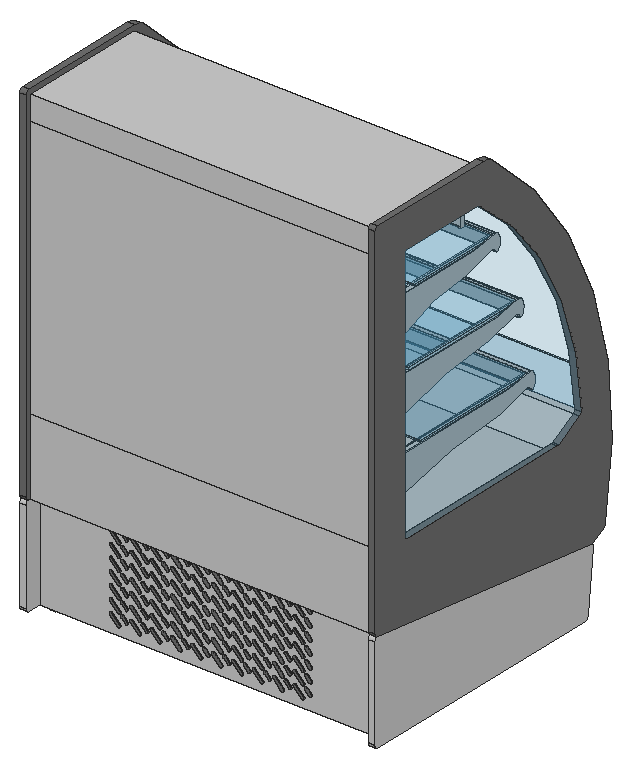
Revit family "QF_INFRICO_VBR9SS_250815092508", category Specialty Equipment, Revit 2021
Family settings
  Round Connector Dimension = Use Diameter
  Part Type = Normal
  OmniClass Number = 23.40.40.14
  OmniClass Title = Food Service Equipment
  Work Plane-Based = No
  Always vertical = Yes
  Cut with Voids When Loaded = No
  Shared = No
  Room Calculation Point = No
Parameters (values of type "VBR9SS")
  Weight [instance] = 0.00 kg
  Warranty Start Date [instance] = ""
  Warranty Duration [instance] = ""
  Volts [instance] = 230 V
  Volt Free Conn [instance] = no
  URL Recommended Spares List [instance] = ""
  URL Manufacturer [instance] = ""
  URL Cutsheet [instance] = ""
  URL Critical Spares List [instance] = ""
  URL = "www.infrico.com"
  Technical Documentation [instance] = ""
  Tag Number [instance] = ""
  Status [instance] = ""
  Start Up Current [instance] = 0 A
  Specification by User [instance] = ""
  Specification by Manufacturer [instance] = ""
  Sound Level [instance] = ""
  Show Logo [instance] = yes
  Show Clearances [instance] = yes
  Service Life Duration [instance] = ""
  Serial Number [instance] = ""
  Seismic Rating [instance] = ""
  SMACNA No [instance] = ""
  Revision Code [instance] = ""
  Revision [instance] = ""
  Production Year [instance] = ""
  Potential Equalisation [instance] = no
  Point Load [instance] = 0
  Phase [instance] = 1
  Other Equipment Approvals [instance] = ""
  Operational Current [instance] = 0 A
  Number of Poles [instance] = 2
  No Load Power Draw [instance] = no
  NAFEM Spec ID Number [instance] = ""
  Model Warning [instance] = ""
  Model = "VBR9SS"
  Min Ckt Ampacity [instance] = 0 A
  Max Overcurrent Protection [instance] = 0 A
  Masterspec [instance] = ""
  Manufacturer = "INFRICO"
  Main switch integrated [instance] = no
  Length Actual [instance] = 938 mm
  Item Number [instance] = ""
  Installed By [instance] = ""
  Installation Date [instance] = ""
  Identify Quantity as Lot [instance] = no
  ID [instance] = ""
  Hygiene Approval [instance] = ""
  Height Actual [instance] = 1300 mm
  HP power [instance] = ""
  Furnished By [instance] = ""
  Foodservice Equipment Identifier [instance] = no
  FL Amps [instance] = 0 A
  Electrical Remarks [instance] = ""
  Electric power [instance] = 1000 W
  Electric Connection Type [instance] = ""
  Elec Conn RI Height [instance] = 0 mm
  Elec Conn Connection Height [instance] = 0 mm
  ETL Approved [instance] = no
  Description = "AMBAR SERIES - SELF SERVICE PASTRY DISPLAY CASE - R452"
  Depth Actual [instance] = 810 mm
  Default Elevation = 0 mm
  Cycle [instance] = 50 Hz
  Cost = 0
  Connection to energy optimisation system [instance] = yes
  Conn Plug [instance] = ""
  Conn Conduit [instance] = no
  Centralized building control system with digital interface [instance] = ""
  CSI MasterFormat [instance] = ""
  CE Approved [instance] = no
  Barcode [instance] = 0
  Author [instance] = ""
  Asset Identifier [instance] = ""
  Apparent Power [instance] = 1000 VA
  Accessory [instance] = no
Reference planes
  plane 1 "Center (Front/Back)": y = 0
  plane 2: z = 0
  plane 3 "Center (Left/Right)": x = 0
Forms (mm)
  Extrusion 1, solid, not visible
    sketch origin (0, 0, 2) x (1, 0, 0) y (0, 1, 0)
      loop
        line (-2, 2) -> (-2, -2) -> (2, -2) -> (2, 2) -> (-2, 2)
    from -2 to 2
Dimensions and locks
  locked: nested 2 to Extrusion 1 at 2  (x2)
  aligned and locked: level to plane 2
Nested families
  nested 1: "QF_INFRICO_VBR9SS_2920" at (0, 0, 0), type "VBR9SS"
    with Weight 0.00 kg, Warranty Start Date "", Warranty Duration "", URL Cutsheet "", Technical Documentation "", Tag Number "", Status "", Specification by User "", Specification by Manufacturer "", Sound Level "", Solid Fuel Type "", Show Logo yes, Show Clearances yes, Show Clearance yes, Service Life Duration "", Serial Number "", Seismic Rating "", SMACNA No "", Revision Code "", Revision "", Production Year "", Point Load 0, Other Equipment Approvals "", NAFEM Spec ID Number "", Model Warning "", Masterspec "", Length Actual 938 mm, Item Number "", Installed By "", Installation Date "", Identify Quantity as Lot yes, ID "", Hygiene Approval "", Height Actual 1300 mm, Furnished By "", Foodservice Equipment Identifier yes, Finish none, ETL Approved yes, Depth Actual 810 mm, CSI MasterFormat "", CE Approved no, Barcode "", Author "", Asset Identifier "", Accessory no
  nested 2: "CONN_POINT_ELE_2D___Generic_Annotation" at (0, 0, 0), type "CONN_POINT_ELE_2D___Generic_Annotation"
    with Onboard connection annotation symbol visibility yes
Connectors
  electrical at (0, 0, 0), driven by "Apparent Power", driven by "Number of Poles", driven by "Volts"
    settings: on Extrusion 1, index 1, voltage 230 V, apparent load 0 VA, apparent load phase1 1000 VA, apparent load phase2 0 VA, apparent load phase3 0 VA, power factor 1, load classification "Other", number of poles 2, system type 31, power factor state 1, is connector primary yes, connector utility no, sub classification motor no, connector description "Electrical connection for VBR9SS"
Definition of nested family "QF_INFRICO_VBR9SS_2920"
  Parameters (values of type "VBR9SS")
    Weight [instance] = 0.00 kg
    Warranty Start Date [instance] = ""
    Warranty Duration [instance] = ""
    URL Cutsheet [instance] = ""
    URL = "www.infrico.com"
    Technical Documentation [instance] = ""
    Tag Number [instance] = ""
    Status [instance] = ""
    Specification by User [instance] = ""
    Specification by Manufacturer [instance] = ""
    Sound Level [instance] = ""
    Solid Fuel Type [instance] = ""
    Show Logo [instance] = yes
    Show Clearances [instance] = yes
    Show Clearance [instance] = yes
    Service Life Duration [instance] = ""
    Serial Number [instance] = ""
    Seismic Rating [instance] = ""
    SMACNA No [instance] = ""
    Revision Code [instance] = ""
    Revision [instance] = ""
    Production Year [instance] = ""
    Point Load [instance] = 0
    Other Equipment Approvals [instance] = ""
    NAFEM Spec ID Number [instance] = ""
    Model Warning [instance] = ""
    Model = "VBR9SS"
    Masterspec [instance] = ""
    Manufacturer = "INFRICO"
    Length Actual [instance] = 0 mm
    Item Number [instance] = ""
    Installed By [instance] = ""
    Installation Date [instance] = ""
    Identify Quantity as Lot [instance] = yes
    ID [instance] = ""
    Hygiene Approval [instance] = ""
    Height Actual [instance] = 0 mm
    Furnished By [instance] = ""
    Foodservice Equipment Identifier [instance] = yes
    Finish [instance] = none
    ETL Approved [instance] = yes
    Description = "AMBAR SERIES - SELF SERVICE PASTRY DISPLAY CASE - R452"
    Depth Actual [instance] = 0 mm
    Default Elevation = 0 mm
    CSI MasterFormat [instance] = ""
    CE Approved [instance] = yes
    Barcode [instance] = ""
    Author [instance] = ""
    Asset Identifier [instance] = ""
    Assembly Code = "E1090320"
    Accessory [instance] = yes
  Reference planes
    plane 1 "Back": y = 0
    plane 2: z = 0
    plane 3 "Left": x = 0
    plane 4 "Right": x = 938
    plane 5 "Front": y = -810
    plane 6 "Top": z = 1300
  Forms (mm)
    Extrusion 1, solid
      sketch origin (-18, -810.003, 0) x (0, -1, 0) y (0, 0, -1)
        loop
          line (-100, -1190) -> (-100, -498)
          arc (-100, -498) -> (-102.929, -490.929) -> (-110, -488) r 10
          line (-110, -488) -> (-627, -488)
          arc (-627, -488) -> (-629.55, -488.252) -> (-632, -489) r 13
          line (-632, -489) -> (-702, -529)
          arc (-702, -529) -> (-705.756, -532.802) -> (-707, -538) r 9.937
          arc (-707, -538) -> (-606.573, -907.925) -> (-356, -1198) r 864.001
          arc (-356, -1198) -> (-353.158, -1199.473) -> (-350, -1200) r 10.273
          line (-350, -1200) -> (-110, -1200)
          arc (-110, -1200) -> (-102.929, -1197.071) -> (-100, -1190) r 10
      from 0 to 18
    Extrusion 2, solid
      sketch origin (-18, -810.003, 0) x (0, -1, 0) y (0, 0, -1)
        loop
          arc (-110, -1200) -> (-102.929, -1197.071) -> (-100, -1190) r 10
          line (-100, -1190) -> (-100, -498)
          arc (-100, -498) -> (-102.929, -490.929) -> (-110, -488) r 10
          line (-110, -488) -> (-627, -488)
          arc (-627, -488) -> (-629.55, -488.252) -> (-632, -489) r 13
          line (-632, -489) -> (-702, -529)
          arc (-702, -529) -> (-705.756, -532.802) -> (-707, -538) r 9.937
          arc (-707, -538) -> (-606.573, -907.925) -> (-356, -1198) r 864.001
          arc (-356, -1198) -> (-353.158, -1199.473) -> (-350, -1200) r 10.273
          line (-350, -1200) -> (-110, -1200)
        loop
          arc (-739, -197) -> (-742.074, -197.055) -> (-745, -198) r 10.476
          line (-745, -198) -> (-782, -219)
          arc (-782, -219) -> (-785.127, -222.608) -> (-787, -227) r 15.422
          arc (-787, -227) -> (-745, -815.202) -> (-398, -1292) r 1070.947
          arc (-398, -1292) -> (-385.08, -1297.958) -> (-371, -1300) r 49.563
          line (-371, -1300) -> (-10.003, -1300)
          arc (-10.003, -1300) -> (-2.932, -1297.071) -> (-0.003, -1290) r 10
          line (-0.003, -1290) -> (-0.003, -301.904)
          arc (-0.003, -301.904) -> (-2.683, -295.3) -> (-9, -292) r 10.337
          line (-9, -292) -> (-739, -197)
      from 0 to 18
    Extrusion 3, solid
      sketch origin (938, -810.003, 0) x (0, -1, 0) y (0, 0, -1)
        loop
          line (-100, -1190) -> (-100, -498)
          arc (-100, -498) -> (-102.929, -490.929) -> (-110, -488) r 10
          line (-110, -488) -> (-627, -488)
          arc (-627, -488) -> (-629.55, -488.252) -> (-632, -489) r 13
          line (-632, -489) -> (-702, -529)
          arc (-702, -529) -> (-705.756, -532.802) -> (-707, -538) r 9.937
          arc (-707, -538) -> (-606.573, -907.925) -> (-356, -1198) r 864.001
          arc (-356, -1198) -> (-353.158, -1199.473) -> (-350, -1200) r 10.273
          line (-350, -1200) -> (-110, -1200)
          arc (-110, -1200) -> (-102.929, -1197.071) -> (-100, -1190) r 10
      from 0 to 18
    Extrusion 4, solid
      sketch origin (938, -810.003, 0) x (0, -1, 0) y (0, 0, -1)
        loop
          arc (-110, -1200) -> (-102.929, -1197.071) -> (-100, -1190) r 10
          line (-100, -1190) -> (-100, -498)
          arc (-100, -498) -> (-102.929, -490.929) -> (-110, -488) r 10
          line (-110, -488) -> (-627, -488)
          arc (-627, -488) -> (-629.55, -488.252) -> (-632, -489) r 13
          line (-632, -489) -> (-702, -529)
          arc (-702, -529) -> (-705.756, -532.802) -> (-707, -538) r 9.937
          arc (-707, -538) -> (-606.573, -907.925) -> (-356, -1198) r 864.001
          arc (-356, -1198) -> (-353.158, -1199.473) -> (-350, -1200) r 10.273
          line (-350, -1200) -> (-110, -1200)
        loop
          arc (-739, -197) -> (-742.074, -197.055) -> (-745, -198) r 10.476
          line (-745, -198) -> (-782, -219)
          arc (-782, -219) -> (-785.127, -222.608) -> (-787, -227) r 15.422
          arc (-787, -227) -> (-745, -815.202) -> (-398, -1292) r 1070.947
          arc (-398, -1292) -> (-385.08, -1297.958) -> (-371, -1300) r 49.563
          line (-371, -1300) -> (-10.003, -1300)
          arc (-10.003, -1300) -> (-2.932, -1297.071) -> (-0.003, -1290) r 10
          line (-0.003, -1290) -> (-0.003, -301.904)
          arc (-0.003, -301.904) -> (-2.683, -295.3) -> (-9, -292) r 10.337
          line (-9, -292) -> (-739, -197)
      from 0 to 18
    Extrusion 5, solid, material <- "Finish"
      sketch origin (0, -810.003, -1) x (0, -1, 0) y (0, 0, -1)
        loop
          line (-739, -198) -> (-9, -293)
          arc (-9, -293) -> (-2.377, -289.883) -> (-0.003, -282.959) r 9.392
          line (-0.003, -282.959) -> (-0.003, -29)
          arc (-0.003, -29) -> (-2.932, -21.929) -> (-10.003, -19) r 10
          line (-10.003, -19) -> (-718, -19)
          arc (-718, -19) -> (-725.332, -22.2) -> (-727.972, -29.752) r 10
          line (-727.972, -29.752) -> (-746, -188)
          arc (-746, -188) -> (-744.394, -194.326) -> (-739, -198) r 9.212
      from -18 to 0
    Extrusion 6, solid, material <- "Finish"
      sketch origin (956, -810.003, -1) x (0, -1, 0) y (0, 0, -1)
        loop
          line (-739, -198) -> (-9, -293)
          arc (-9, -293) -> (-2.377, -289.883) -> (-0.003, -282.959) r 9.392
          line (-0.003, -282.959) -> (-0.003, -29)
          arc (-0.003, -29) -> (-2.932, -21.929) -> (-10.003, -19) r 10
          line (-10.003, -19) -> (-718, -19)
          arc (-718, -19) -> (-725.332, -22.2) -> (-727.972, -29.752) r 10
          line (-727.972, -29.752) -> (-746, -188)
          arc (-746, -188) -> (-744.394, -194.326) -> (-739, -198) r 9.212
      from -18 to 0
    Extrusion 7, solid
      sketch origin (0, -750.003, 9) x (1, 0, 0) y (0, 1, 0)
        loop
          line (0, -0.02) -> (40, -0.02) -> (40, 39.98) -> (0, 39.98) -> (0, -0.02)
      from 0 to 9
    Extrusion 8, solid
      sketch origin (0, -170.003, 9) x (1, 0, 0) y (0, 1, 0)
        loop
          line (0, -0.02) -> (40, -0.02) -> (40, 39.98) -> (0, 39.98) -> (0, -0.02)
      from 0 to 9
    Extrusion 9, solid
      sketch origin (-898.549, 112.977, 0) x (-1, 0, 0) y (0, -1, 0)
        loop
          line (-903.549, 843) -> (-911.049, 855.99) -> (-926.049, 855.99) -> (-933.549, 843) -> (-926.049, 830.01) -> (-911.049, 830.01) -> (-903.549, 843)
      from 0 to 9
    Extrusion 10, solid
      sketch origin (-898.549, 692.977, 0) x (-1, 0, 0) y (0, -1, 0)
        loop
          line (-903.549, 843) -> (-911.049, 855.99) -> (-926.049, 855.99) -> (-933.549, 843) -> (-926.049, 830.01) -> (-911.049, 830.01) -> (-903.549, 843)
      from 0 to 9
    Extrusion 11, solid
      sketch origin (898, -750.003, 9) x (1, 0, 0) y (0, 1, 0)
        loop
          line (0, -0.02) -> (40, -0.02) -> (40, 39.98) -> (0, 39.98) -> (0, -0.02)
      from 0 to 9
    Extrusion 12, solid
      sketch origin (898, -170.003, 9) x (1, 0, 0) y (0, 1, 0)
        loop
          line (0, -0.02) -> (40, -0.02) -> (40, 39.98) -> (0, 39.98) -> (0, -0.02)
      from 0 to 9
    Extrusion 13, solid
      sketch origin (-0.549, 112.977, 0) x (-1, 0, 0) y (0, -1, 0)
        loop
          line (-903.549, 843) -> (-911.049, 855.99) -> (-926.049, 855.99) -> (-933.549, 843) -> (-926.049, 830.01) -> (-911.049, 830.01) -> (-903.549, 843)
      from 0 to 9
    Extrusion 14, solid
      sketch origin (-0.549, 692.977, 0) x (-1, 0, 0) y (0, -1, 0)
        loop
          line (-903.549, 843) -> (-911.049, 855.99) -> (-926.049, 855.99) -> (-933.549, 843) -> (-926.049, 830.01) -> (-911.049, 830.01) -> (-903.549, 843)
      from 0 to 9
    Extrusion 15, solid
      sketch origin (0, -810.003, 0) x (0, -1, 0) y (0, 0, -1)
        loop
          line (-59.98, -18) -> (-679.98, -18) -> (-679.98, -293) -> (-59.98, -293) -> (-59.98, -18)
      from 0 to 40
    Extrusion 16, solid
      sketch origin (898, -810.003, 0) x (0, -1, 0) y (0, 0, -1)
        loop
          line (-59.98, -18) -> (-679.98, -18) -> (-679.98, -293) -> (-59.98, -293) -> (-59.98, -18)
      from 0 to 40
    Extrusion 17, solid
      sketch origin (0, -810.003, 0) x (0, -1, 0) y (0, 0, -1)
        loop
          line (-59.98, -18) -> (-59.98, -293) -> (-44.98, -293) -> (-44.98, -18) -> (-59.98, -18)
      from 0 to 938
    Extrusion 18, solid
      sketch origin (0, -810.003, 0) x (0, -1, 0) y (0, 0, -1)
        loop
          line (-679.98, -278) -> (-679.98, -38) -> (-719.98, -38) -> (-719.98, -278) -> (-679.98, -278)
      from 0 to 40
    Extrusion 19, solid
      sketch origin (898, -810.003, 0) x (0, -1, 0) y (0, 0, -1)
        loop
          line (-679.98, -278) -> (-679.98, -38) -> (-719.98, -38) -> (-719.98, -278) -> (-679.98, -278)
      from 0 to 40
    Extrusion 20, solid
      sketch origin (0, -810.003, 0) x (0, -1, 0) y (0, 0, -1)
        loop
          line (-9.98, -293) -> (-759.98, -293) -> (-759.98, -471) -> (-747.98, -471) -> (-747.98, -448) -> (-70.98, -448) -> (-70.98, -502) -> (-9.98, -502) -> (-9.98, -293)
      from 0 to 938
    Extrusion 21, solid
      sketch origin (0, -810.003, 0) x (0, -1, 0) y (0, 0, -1)
        loop
          line (-747.98, -471) -> (-741.98, -471) -> (-741.98, -515) -> (-719.98, -515) -> (-628.98, -468) -> (-628.98, -448) -> (-630.98, -448) -> (-630.98, -466.782) -> (-720.466, -513) -> (-739.98, -513) -> (-739.98, -469) -> (-747.98, -469) -> (-747.98, -471)
      from 0 to 938
    Extrusion 22, solid
      sketch origin (0, -810.003, 0) x (0, -1, 0) y (0, 0, -1)
        loop
          line (-626.98, -448) -> (-626.98, -469) -> (-121.98, -469) -> (-121.98, -448) -> (-626.98, -448)
      from 0 to 938
    Extrusion 23, solid
      sketch origin (0, -810.003, 0) x (0, -1, 0) y (0, 0, -1)
        loop
          line (-110.98, -448) -> (-110.98, -1222) -> (-70.98, -1222) -> (-70.98, -448) -> (-110.98, -448)
      from 0 to 50
    Extrusion 24, solid
      sketch origin (888, -810.003, 0) x (0, -1, 0) y (0, 0, -1)
        loop
          line (-110.98, -448) -> (-110.98, -1222) -> (-70.98, -1222) -> (-70.98, -448) -> (-110.98, -448)
      from 0 to 50
    Extrusion 25, solid
      sketch origin (860, -810.003, 0) x (0, -1, 0) y (0, 0, -1)
        loop
          line (-9.98, -502) -> (-70.98, -502) -> (-70.98, -1222) -> (-9.98, -1222) -> (-9.98, -502)
      from -860 to 78
    Extrusion 26, solid
      sketch origin (0, -810.003, 0) x (0, -1, 0) y (0, 0, -1)
        loop
          line (-9.98, -1288) -> (-9.98, -1222) -> (-288.98, -1222) -> (-288.98, -1276) -> (-353.98, -1276) -> (-353.98, -1260.029) -> (-372.98, -1241.029) -> (-372.98, -1229) -> (-354.98, -1229) -> (-354.98, -1217) -> (-384.98, -1217) -> (-384.98, -1246) -> (-365.98, -1265) -> (-365.98, -1288) -> (-9.98, -1288)
      from 0 to 938
    Extrusion 27, solid
      sketch origin (-510, -1507.887, 385.642) x (0, -0.939923, 0.341387) y (0, -0.341387, -0.939923)
        loop
          line (-1441.281, -155.749) -> (-1438.55, -163.269) -> (-1412.756, -181.562) -> (-1410.024, -189.081) -> (-1408.109, -188.385) -> (-1411.111, -180.118) -> (-1436.703, -162.496) -> (-1439.401, -155.067) -> (-1441.281, -155.749)
        loop
          line (-1423.188, -205.565) -> (-1420.457, -213.085) -> (-1394.662, -231.378) -> (-1391.931, -238.897) -> (-1390.015, -238.201) -> (-1393.018, -229.934) -> (-1418.61, -212.312) -> (-1421.308, -204.883) -> (-1423.188, -205.565)
      from 550 to 1408
    Extrusion 28, solid
      sketch origin (3, -810.003, 87) x (0, -1, 0) y (0, 0, -1)
        loop
          line (-110.98, -498) -> (-126.98, -498)
          arc (-126.98, -498) -> (-289.514, -532.928) -> (-454.98, -549) r 1448.355
          line (-454.98, -549) -> (-547.98, -574)
          arc (-547.98, -574) -> (-550.743, -573.659) -> (-552.98, -572) r 5.461
          line (-552.98, -572) -> (-560.98, -562)
          arc (-560.98, -562) -> (-563.98, -560.5) -> (-566.98, -562) r 3.75
          arc (-566.98, -562) -> (-573.98, -583) -> (-566.98, -604) r 35
          arc (-566.98, -604) -> (-565.216, -605.472) -> (-562.98, -606) r 5
          line (-562.98, -606) -> (-544.98, -606) -> (-487.98, -595) -> (-110.98, -595) -> (-110.98, -498)
      from 0 to 2
    Extrusion 29, solid
      sketch origin (3, -810.003, 283) x (0, -1, 0) y (0, 0, -1)
        loop
          line (-110.98, -498) -> (-126.98, -498)
          arc (-126.98, -498) -> (-269.288, -533.055) -> (-414.98, -549) r 1106.867
          line (-414.98, -549) -> (-507.98, -574)
          arc (-507.98, -574) -> (-510.743, -573.659) -> (-512.98, -572) r 5.461
          line (-512.98, -572) -> (-520.98, -562)
          arc (-520.98, -562) -> (-523.98, -560.5) -> (-526.98, -562) r 3.75
          arc (-526.98, -562) -> (-533.98, -583) -> (-526.98, -604) r 35
          arc (-526.98, -604) -> (-525.216, -605.472) -> (-522.98, -606) r 5
          line (-522.98, -606) -> (-504.98, -606) -> (-447.98, -595) -> (-110.98, -595) -> (-110.98, -498)
      from 0 to 2
    Extrusion 30, solid
      sketch origin (3, -810.003, 479) x (0, -1, 0) y (0, 0, -1)
        loop
          line (-110.98, -498) -> (-126.98, -498)
          arc (-126.98, -498) -> (-228.381, -534.099) -> (-334.98, -549) r 530.828
          line (-334.98, -549) -> (-427.98, -574)
          arc (-427.98, -574) -> (-430.743, -573.659) -> (-432.98, -572) r 5.461
          line (-432.98, -572) -> (-440.98, -562)
          arc (-440.98, -562) -> (-443.98, -560.5) -> (-446.98, -562) r 3.75
          arc (-446.98, -562) -> (-453.98, -583) -> (-446.98, -604) r 35
          arc (-446.98, -604) -> (-445.216, -605.472) -> (-442.98, -606) r 5
          line (-442.98, -606) -> (-424.98, -606) -> (-367.98, -595) -> (-110.98, -595) -> (-110.98, -498)
      from 0 to 2
    Extrusion 31, solid
      sketch origin (0, -810.003, 0) x (0, -1, 0) y (0, 0, -1)
        loop
          line (-183.98, -682) -> (-558.98, -682) -> (-558.98, -688) -> (-183.98, -688) -> (-183.98, -682)
      from 5 to 933
    Extrusion 32, solid
      sketch origin (0, -850.003, 196) x (0, -1, 0) y (0, 0, -1)
        loop
          line (-183.98, -682) -> (-558.98, -682) -> (-558.98, -688) -> (-183.98, -688) -> (-183.98, -682)
      from 5 to 933
    Extrusion 33, solid
      sketch origin (0, -830.003, 392) x (0, -1, 0) y (0, 0, -1)
        loop
          line (-183.98, -682) -> (-458.98, -682) -> (-458.98, -688) -> (-183.98, -688) -> (-183.98, -682)
      from 5 to 933
    Extrusion 34, solid
      sketch origin (0, -810.003, 0) x (0, -1, 0) y (0, 0, -1)
        loop
          arc (-566.98, -691) -> (-565.216, -692.472) -> (-562.98, -693) r 5
          arc (-562.98, -693) -> (-561.498, -690.693) -> (-560.98, -688) r 7.25
          line (-560.98, -688) -> (-560.98, -649)
          arc (-560.98, -649) -> (-563.98, -647.5) -> (-566.98, -649) r 3.75
          arc (-566.98, -649) -> (-573.98, -670) -> (-566.98, -691) r 35
      from 5 to 933
    Extrusion 35, solid
      sketch origin (0, -850.003, 196) x (0, -1, 0) y (0, 0, -1)
        loop
          arc (-566.98, -691) -> (-565.216, -692.472) -> (-562.98, -693) r 5
          arc (-562.98, -693) -> (-561.498, -690.693) -> (-560.98, -688) r 7.25
          line (-560.98, -688) -> (-560.98, -649)
          arc (-560.98, -649) -> (-563.98, -647.5) -> (-566.98, -649) r 3.75
          arc (-566.98, -649) -> (-573.98, -670) -> (-566.98, -691) r 35
      from 5 to 933
    Extrusion 36, solid
      sketch origin (0, -930.003, 392) x (0, -1, 0) y (0, 0, -1)
        loop
          arc (-566.98, -691) -> (-565.216, -692.472) -> (-562.98, -693) r 5
          arc (-562.98, -693) -> (-561.498, -690.693) -> (-560.98, -688) r 7.25
          line (-560.98, -688) -> (-560.98, -649)
          arc (-560.98, -649) -> (-563.98, -647.5) -> (-566.98, -649) r 3.75
          arc (-566.98, -649) -> (-573.98, -670) -> (-566.98, -691) r 35
      from 5 to 933
    Extrusion 37, solid
      sketch origin (21, -810.003, 479) x (0, -1, 0) y (0, 0, -1)
        loop
          line (-110.98, -498) -> (-126.98, -498)
          arc (-126.98, -498) -> (-228.381, -534.099) -> (-334.98, -549) r 530.828
          line (-334.98, -549) -> (-427.98, -574)
          arc (-427.98, -574) -> (-430.743, -573.659) -> (-432.98, -572) r 5.461
          line (-432.98, -572) -> (-440.98, -562) -> (-440.98, -595) -> (-110.98, -595) -> (-110.98, -498)
      from 0 to 2
    Extrusion 38, solid
      sketch origin (0, -810.003, 0) x (0, -1, 0) y (0, 0, -1)
        loop
          line (-110.98, -1074) -> (-110.98, -1072) -> (-440.98, -1072) -> (-440.98, -1074) -> (-110.98, -1074)
      from 5 to 21
    Extrusion 39, solid
      sketch origin (21, -810.003, 283) x (0, -1, 0) y (0, 0, -1)
        loop
          line (-110.98, -498) -> (-126.98, -498)
          arc (-126.98, -498) -> (-269.288, -533.055) -> (-414.98, -549) r 1106.867
          line (-414.98, -549) -> (-507.98, -574)
          arc (-507.98, -574) -> (-510.743, -573.659) -> (-512.98, -572) r 5.461
          line (-512.98, -572) -> (-520.98, -562) -> (-520.98, -595) -> (-110.98, -595) -> (-110.98, -498)
      from 0 to 2
    Extrusion 40, solid
      sketch origin (0, -810.003, -196) x (0, -1, 0) y (0, 0, -1)
        loop
          line (-110.98, -1074) -> (-110.98, -1072) -> (-520.98, -1072) -> (-520.98, -1074) -> (-110.98, -1074)
      from 5 to 21
    Extrusion 41, solid
      sketch origin (21, -810.003, 87) x (0, -1, 0) y (0, 0, -1)
        loop
          line (-110.98, -498) -> (-126.98, -498)
          arc (-126.98, -498) -> (-289.514, -532.928) -> (-454.98, -549) r 1448.355
          line (-454.98, -549) -> (-547.98, -574)
          arc (-547.98, -574) -> (-550.743, -573.659) -> (-552.98, -572) r 5.461
          line (-552.98, -572) -> (-560.98, -562) -> (-560.98, -595) -> (-110.98, -595) -> (-110.98, -498)
      from 0 to 2
    Extrusion 42, solid
      sketch origin (0, -810.003, -392) x (0, -1, 0) y (0, 0, -1)
        loop
          line (-110.98, -1074) -> (-110.98, -1072) -> (-560.98, -1072) -> (-560.98, -1074) -> (-110.98, -1074)
      from 5 to 21
    Extrusion 43, solid
      sketch origin (935, -810.003, 87) x (0, -1, 0) y (0, 0, 1)
        loop
          line (-110.98, 498) -> (-110.98, 595) -> (-487.98, 595) -> (-544.98, 606) -> (-562.98, 606)
          arc (-562.98, 606) -> (-565.216, 605.472) -> (-566.98, 604) r 5
          arc (-566.98, 604) -> (-573.98, 583) -> (-566.98, 562) r 35
          arc (-566.98, 562) -> (-563.98, 560.5) -> (-560.98, 562) r 3.75
          line (-560.98, 562) -> (-552.98, 572)
          arc (-552.98, 572) -> (-550.743, 573.659) -> (-547.98, 574) r 5.461
          line (-547.98, 574) -> (-454.98, 549)
          arc (-454.98, 549) -> (-289.514, 532.928) -> (-126.98, 498) r 1448.355
          line (-126.98, 498) -> (-110.98, 498)
      from 0 to 2
    Extrusion 44, solid
      sketch origin (935, -810.003, 283) x (0, -1, 0) y (0, 0, 1)
        loop
          line (-110.98, 498) -> (-110.98, 595) -> (-447.98, 595) -> (-504.98, 606) -> (-522.98, 606)
          arc (-522.98, 606) -> (-525.216, 605.472) -> (-526.98, 604) r 5
          arc (-526.98, 604) -> (-533.98, 583) -> (-526.98, 562) r 35
          arc (-526.98, 562) -> (-523.98, 560.5) -> (-520.98, 562) r 3.75
          line (-520.98, 562) -> (-512.98, 572)
          arc (-512.98, 572) -> (-510.743, 573.659) -> (-507.98, 574) r 5.461
          line (-507.98, 574) -> (-414.98, 549)
          arc (-414.98, 549) -> (-269.288, 533.055) -> (-126.98, 498) r 1106.867
          line (-126.98, 498) -> (-110.98, 498)
      from 0 to 2
    Extrusion 45, solid
      sketch origin (935, -810.003, 479) x (0, -1, 0) y (0, 0, 1)
        loop
          line (-110.98, 498) -> (-110.98, 595) -> (-367.98, 595) -> (-424.98, 606) -> (-442.98, 606)
          arc (-442.98, 606) -> (-445.216, 605.472) -> (-446.98, 604) r 5
          arc (-446.98, 604) -> (-453.98, 583) -> (-446.98, 562) r 35
          arc (-446.98, 562) -> (-443.98, 560.5) -> (-440.98, 562) r 3.75
          line (-440.98, 562) -> (-432.98, 572)
          arc (-432.98, 572) -> (-430.743, 573.659) -> (-427.98, 574) r 5.461
          line (-427.98, 574) -> (-334.98, 549)
          arc (-334.98, 549) -> (-228.381, 534.099) -> (-126.98, 498) r 530.828
          line (-126.98, 498) -> (-110.98, 498)
      from 0 to 2
    Extrusion 46, solid
      sketch origin (917, -810.003, 479) x (0, -1, 0) y (0, 0, 1)
        loop
          line (-110.98, 498) -> (-110.98, 595) -> (-440.98, 595) -> (-440.98, 562) -> (-432.98, 572)
          arc (-432.98, 572) -> (-430.743, 573.659) -> (-427.98, 574) r 5.461
          line (-427.98, 574) -> (-334.98, 549)
          arc (-334.98, 549) -> (-228.381, 534.099) -> (-126.98, 498) r 530.828
          line (-126.98, 498) -> (-110.98, 498)
      from 0 to 2
    Extrusion 47, solid
      sketch origin (938, -810.003, 0) x (0, -1, 0) y (0, 0, 1)
        loop
          line (-110.98, 1074) -> (-440.98, 1074) -> (-440.98, 1072) -> (-110.98, 1072) -> (-110.98, 1074)
      from 5 to 21
    Extrusion 48, solid
      sketch origin (917, -810.003, 283) x (0, -1, 0) y (0, 0, 1)
        loop
          line (-110.98, 498) -> (-110.98, 595) -> (-520.98, 595) -> (-520.98, 562) -> (-512.98, 572)
          arc (-512.98, 572) -> (-510.743, 573.659) -> (-507.98, 574) r 5.461
          line (-507.98, 574) -> (-414.98, 549)
          arc (-414.98, 549) -> (-269.288, 533.055) -> (-126.98, 498) r 1106.867
          line (-126.98, 498) -> (-110.98, 498)
      from 0 to 2
    Extrusion 49, solid
      sketch origin (938, -810.003, -196) x (0, -1, 0) y (0, 0, 1)
        loop
          line (-110.98, 1074) -> (-520.98, 1074) -> (-520.98, 1072) -> (-110.98, 1072) -> (-110.98, 1074)
      from 5 to 21
    Extrusion 50, solid
      sketch origin (917, -810.003, 87) x (0, -1, 0) y (0, 0, 1)
        loop
          line (-110.98, 498) -> (-110.98, 595) -> (-560.98, 595) -> (-560.98, 562) -> (-552.98, 572)
          arc (-552.98, 572) -> (-550.743, 573.659) -> (-547.98, 574) r 5.461
          line (-547.98, 574) -> (-454.98, 549)
          arc (-454.98, 549) -> (-289.514, 532.928) -> (-126.98, 498) r 1448.355
          line (-126.98, 498) -> (-110.98, 498)
      from 0 to 2
    Extrusion 51, solid
      sketch origin (938, -810.003, -392) x (0, -1, 0) y (0, 0, 1)
        loop
          line (-110.98, 1074) -> (-560.98, 1074) -> (-560.98, 1072) -> (-110.98, 1072) -> (-110.98, 1074)
      from 5 to 21
    Extrusion 52, solid
      sketch origin (0, -810.003, 0) x (0, -1, 0) y (0, 0, -1)
        loop
          line (-59.98, -18) -> (-99.98, -18) -> (-99.98, -38) -> (-59.98, -38) -> (-59.98, -18)
      from 40 to 898
    Extrusion 53, solid
      sketch origin (0, -230.003, 0) x (0, -1, 0) y (0, 0, -1)
        loop
          line (-59.98, -18) -> (-99.98, -18) -> (-99.98, -38) -> (-59.98, -38) -> (-59.98, -18)
      from 40 to 898
    Extrusion 54, solid, material <- "Finish"
      sketch origin (0, -810.003, 0) x (0, -1, 0) y (0, 0, -1)
        loop
          line (-769.98, -438) -> (-759.945, -218.229) -> (-778.925, -217.362) -> (-788.96, -437.133) -> (-769.98, -438)
      from 0 to 938
    Extrusion 55, solid
      sketch origin (0, -810.003, 0) x (0, -1, 0) y (0, 0, -1)
        loop
          line (-747.98, -471) -> (-759.98, -471) -> (-789.173, -441.806) -> (-788.489, -426.822) -> (-790.487, -426.731) -> (-791.212, -442.597) -> (-760.808, -473) -> (-747.98, -473) -> (-747.98, -471)
      from 0 to 938
    Extrusion 56, solid
      sketch origin (1643.376, -765.123, -1.698) x (-1, 0, 0) y (0, 0, 1)
        loop
          line (1428.976, 42.364) -> (1450.896, 64.284)
          arc (1450.896, 64.284) -> (1450.896, 70.648) -> (1444.532, 70.648) r 4.5
          line (1444.532, 70.648) -> (1422.612, 48.728)
          arc (1422.612, 48.728) -> (1422.612, 42.364) -> (1428.976, 42.364) r 4.5
        loop
          line (1408.219, 55.335) -> (1419.532, 66.648)
          arc (1419.532, 66.648) -> (1419.532, 73.012) -> (1413.168, 73.012) r 4.5
          line (1413.168, 73.012) -> (1401.855, 61.698)
          arc (1401.855, 61.698) -> (1401.855, 55.335) -> (1408.219, 55.335) r 4.5
        loop
          line (1428.976, 76.364) -> (1450.896, 98.284)
          arc (1450.896, 98.284) -> (1450.896, 104.648) -> (1444.532, 104.648) r 4.5
          line (1444.532, 104.648) -> (1422.612, 82.728)
          arc (1422.612, 82.728) -> (1422.612, 76.364) -> (1428.976, 76.364) r 4.5
        loop
          line (1408.219, 89.335) -> (1419.532, 100.648)
          arc (1419.532, 100.648) -> (1419.532, 107.012) -> (1413.168, 107.012) r 4.5
          line (1413.168, 107.012) -> (1401.855, 95.698)
          arc (1401.855, 95.698) -> (1401.855, 89.335) -> (1408.219, 89.335) r 4.5
        loop
          line (1428.976, 110.364) -> (1450.896, 132.284)
          arc (1450.896, 132.284) -> (1450.896, 138.648) -> (1444.532, 138.648) r 4.5
          line (1444.532, 138.648) -> (1422.612, 116.728)
          arc (1422.612, 116.728) -> (1422.612, 110.364) -> (1428.976, 110.364) r 4.5
        loop
          line (1408.219, 123.335) -> (1419.532, 134.648)
          arc (1419.532, 134.648) -> (1419.532, 141.012) -> (1413.168, 141.012) r 4.5
          line (1413.168, 141.012) -> (1401.855, 129.698)
          arc (1401.855, 129.698) -> (1401.855, 123.335) -> (1408.219, 123.335) r 4.5
        loop
          line (1428.976, 144.364) -> (1450.896, 166.284)
          arc (1450.896, 166.284) -> (1450.896, 172.648) -> (1444.532, 172.648) r 4.5
          line (1444.532, 172.648) -> (1422.612, 150.728)
          arc (1422.612, 150.728) -> (1422.612, 144.364) -> (1428.976, 144.364) r 4.5
        loop
          line (1408.219, 157.335) -> (1419.532, 168.648)
          arc (1419.532, 168.648) -> (1419.532, 175.012) -> (1413.168, 175.012) r 4.5
          line (1413.168, 175.012) -> (1401.855, 163.698)
          arc (1401.855, 163.698) -> (1401.855, 157.335) -> (1408.219, 157.335) r 4.5
        loop
          line (1428.976, 178.364) -> (1450.896, 200.284)
          arc (1450.896, 200.284) -> (1450.896, 206.648) -> (1444.532, 206.648) r 4.5
          line (1444.532, 206.648) -> (1422.612, 184.728)
          arc (1422.612, 184.728) -> (1422.612, 178.364) -> (1428.976, 178.364) r 4.5
        loop
          line (1408.219, 191.335) -> (1419.532, 202.648)
          arc (1419.532, 202.648) -> (1419.532, 209.012) -> (1413.168, 209.012) r 4.5
          line (1413.168, 209.012) -> (1401.855, 197.698)
          arc (1401.855, 197.698) -> (1401.855, 191.335) -> (1408.219, 191.335) r 4.5
        loop
          line (1428.976, 212.364) -> (1450.896, 234.284)
          arc (1450.896, 234.284) -> (1450.896, 240.648) -> (1444.532, 240.648) r 4.5
          line (1444.532, 240.648) -> (1422.612, 218.728)
          arc (1422.612, 218.728) -> (1422.612, 212.364) -> (1428.976, 212.364) r 4.5
        loop
          line (1408.219, 225.335) -> (1419.532, 236.648)
          arc (1419.532, 236.648) -> (1419.532, 243.012) -> (1413.168, 243.012) r 4.5
          line (1413.168, 243.012) -> (1401.855, 231.698)
          arc (1401.855, 231.698) -> (1401.855, 225.335) -> (1408.219, 225.335) r 4.5
        loop
          line (1428.976, 246.364) -> (1450.896, 268.284)
          arc (1450.896, 268.284) -> (1450.896, 274.648) -> (1444.532, 274.648) r 4.5
          line (1444.532, 274.648) -> (1422.612, 252.728)
          arc (1422.612, 252.728) -> (1422.612, 246.364) -> (1428.976, 246.364) r 4.5
        loop
          line (1408.219, 259.335) -> (1419.532, 270.648)
          arc (1419.532, 270.648) -> (1419.532, 277.012) -> (1413.168, 277.012) r 4.5
          line (1413.168, 277.012) -> (1401.855, 265.698)
          arc (1401.855, 265.698) -> (1401.855, 259.335) -> (1408.219, 259.335) r 4.5
        loop
          line (1372.976, 42.364) -> (1394.896, 64.284)
          arc (1394.896, 64.284) -> (1394.896, 70.648) -> (1388.532, 70.648) r 4.5
          line (1388.532, 70.648) -> (1366.612, 48.728)
          arc (1366.612, 48.728) -> (1366.612, 42.364) -> (1372.976, 42.364) r 4.5
        loop
          line (1352.219, 55.335) -> (1363.532, 66.648)
          arc (1363.532, 66.648) -> (1363.532, 73.012) -> (1357.168, 73.012) r 4.5
          line (1357.168, 73.012) -> (1345.855, 61.698)
          arc (1345.855, 61.698) -> (1345.855, 55.335) -> (1352.219, 55.335) r 4.5
        loop
          line (1372.976, 76.364) -> (1394.896, 98.284)
          arc (1394.896, 98.284) -> (1394.896, 104.648) -> (1388.532, 104.648) r 4.5
          line (1388.532, 104.648) -> (1366.612, 82.728)
          arc (1366.612, 82.728) -> (1366.612, 76.364) -> (1372.976, 76.364) r 4.5
        loop
          line (1352.219, 89.335) -> (1363.532, 100.648)
          arc (1363.532, 100.648) -> (1363.532, 107.012) -> (1357.168, 107.012) r 4.5
          line (1357.168, 107.012) -> (1345.855, 95.698)
          arc (1345.855, 95.698) -> (1345.855, 89.335) -> (1352.219, 89.335) r 4.5
        loop
          line (1372.976, 110.364) -> (1394.896, 132.284)
          arc (1394.896, 132.284) -> (1394.896, 138.648) -> (1388.532, 138.648) r 4.5
          line (1388.532, 138.648) -> (1366.612, 116.728)
          arc (1366.612, 116.728) -> (1366.612, 110.364) -> (1372.976, 110.364) r 4.5
        loop
          line (1352.219, 123.335) -> (1363.532, 134.648)
          arc (1363.532, 134.648) -> (1363.532, 141.012) -> (1357.168, 141.012) r 4.5
          line (1357.168, 141.012) -> (1345.855, 129.698)
          arc (1345.855, 129.698) -> (1345.855, 123.335) -> (1352.219, 123.335) r 4.5
        loop
          line (1372.976, 144.364) -> (1394.896, 166.284)
          arc (1394.896, 166.284) -> (1394.896, 172.648) -> (1388.532, 172.648) r 4.5
          line (1388.532, 172.648) -> (1366.612, 150.728)
          arc (1366.612, 150.728) -> (1366.612, 144.364) -> (1372.976, 144.364) r 4.5
        loop
          line (1352.219, 157.335) -> (1363.532, 168.648)
          arc (1363.532, 168.648) -> (1363.532, 175.012) -> (1357.168, 175.012) r 4.5
          line (1357.168, 175.012) -> (1345.855, 163.698)
          arc (1345.855, 163.698) -> (1345.855, 157.335) -> (1352.219, 157.335) r 4.5
        loop
          line (1372.976, 178.364) -> (1394.896, 200.284)
          arc (1394.896, 200.284) -> (1394.896, 206.648) -> (1388.532, 206.648) r 4.5
          line (1388.532, 206.648) -> (1366.612, 184.728)
          arc (1366.612, 184.728) -> (1366.612, 178.364) -> (1372.976, 178.364) r 4.5
        loop
          line (1352.219, 191.335) -> (1363.532, 202.648)
          arc (1363.532, 202.648) -> (1363.532, 209.012) -> (1357.168, 209.012) r 4.5
          line (1357.168, 209.012) -> (1345.855, 197.698)
          arc (1345.855, 197.698) -> (1345.855, 191.335) -> (1352.219, 191.335) r 4.5
        loop
          line (1372.976, 212.364) -> (1394.896, 234.284)
          arc (1394.896, 234.284) -> (1394.896, 240.648) -> (1388.532, 240.648) r 4.5
          line (1388.532, 240.648) -> (1366.612, 218.728)
          arc (1366.612, 218.728) -> (1366.612, 212.364) -> (1372.976, 212.364) r 4.5
        loop
          line (1352.219, 225.335) -> (1363.532, 236.648)
          arc (1363.532, 236.648) -> (1363.532, 243.012) -> (1357.168, 243.012) r 4.5
          line (1357.168, 243.012) -> (1345.855, 231.698)
          arc (1345.855, 231.698) -> (1345.855, 225.335) -> (1352.219, 225.335) r 4.5
        loop
          line (1372.976, 246.364) -> (1394.896, 268.284)
          arc (1394.896, 268.284) -> (1394.896, 274.648) -> (1388.532, 274.648) r 4.5
          line (1388.532, 274.648) -> (1366.612, 252.728)
          arc (1366.612, 252.728) -> (1366.612, 246.364) -> (1372.976, 246.364) r 4.5
        loop
          line (1352.219, 259.335) -> (1363.532, 270.648)
          arc (1363.532, 270.648) -> (1363.532, 277.012) -> (1357.168, 277.012) r 4.5
          line (1357.168, 277.012) -> (1345.855, 265.698)
          arc (1345.855, 265.698) -> (1345.855, 259.335) -> (1352.219, 259.335) r 4.5
        loop
          line (1316.976, 42.364) -> (1338.896, 64.284)
          arc (1338.896, 64.284) -> (1338.896, 70.648) -> (1332.532, 70.648) r 4.5
          line (1332.532, 70.648) -> (1310.612, 48.728)
          arc (1310.612, 48.728) -> (1310.612, 42.364) -> (1316.976, 42.364) r 4.5
        loop
          line (1296.219, 55.335) -> (1307.532, 66.648)
          arc (1307.532, 66.648) -> (1307.532, 73.012) -> (1301.168, 73.012) r 4.5
          line (1301.168, 73.012) -> (1289.855, 61.698)
          arc (1289.855, 61.698) -> (1289.855, 55.335) -> (1296.219, 55.335) r 4.5
        loop
          line (1316.976, 76.364) -> (1338.896, 98.284)
          arc (1338.896, 98.284) -> (1338.896, 104.648) -> (1332.532, 104.648) r 4.5
          line (1332.532, 104.648) -> (1310.612, 82.728)
          arc (1310.612, 82.728) -> (1310.612, 76.364) -> (1316.976, 76.364) r 4.5
        loop
          line (1296.219, 89.335) -> (1307.532, 100.648)
          arc (1307.532, 100.648) -> (1307.532, 107.012) -> (1301.168, 107.012) r 4.5
          line (1301.168, 107.012) -> (1289.855, 95.698)
          arc (1289.855, 95.698) -> (1289.855, 89.335) -> (1296.219, 89.335) r 4.5
        loop
          line (1316.976, 110.364) -> (1338.896, 132.284)
          arc (1338.896, 132.284) -> (1338.896, 138.648) -> (1332.532, 138.648) r 4.5
          line (1332.532, 138.648) -> (1310.612, 116.728)
          arc (1310.612, 116.728) -> (1310.612, 110.364) -> (1316.976, 110.364) r 4.5
        loop
          line (1296.219, 123.335) -> (1307.532, 134.648)
          arc (1307.532, 134.648) -> (1307.532, 141.012) -> (1301.168, 141.012) r 4.5
          line (1301.168, 141.012) -> (1289.855, 129.698)
          arc (1289.855, 129.698) -> (1289.855, 123.335) -> (1296.219, 123.335) r 4.5
        loop
          line (1316.976, 144.364) -> (1338.896, 166.284)
          arc (1338.896, 166.284) -> (1338.896, 172.648) -> (1332.532, 172.648) r 4.5
          line (1332.532, 172.648) -> (1310.612, 150.728)
          arc (1310.612, 150.728) -> (1310.612, 144.364) -> (1316.976, 144.364) r 4.5
        loop
          line (1296.219, 157.335) -> (1307.532, 168.648)
          arc (1307.532, 168.648) -> (1307.532, 175.012) -> (1301.168, 175.012) r 4.5
          line (1301.168, 175.012) -> (1289.855, 163.698)
          arc (1289.855, 163.698) -> (1289.855, 157.335) -> (1296.219, 157.335) r 4.5
        loop
          line (1316.976, 178.364) -> (1338.896, 200.284)
          arc (1338.896, 200.284) -> (1338.896, 206.648) -> (1332.532, 206.648) r 4.5
          line (1332.532, 206.648) -> (1310.612, 184.728)
          arc (1310.612, 184.728) -> (1310.612, 178.364) -> (1316.976, 178.364) r 4.5
        loop
          line (1296.219, 191.335) -> (1307.532, 202.648)
          arc (1307.532, 202.648) -> (1307.532, 209.012) -> (1301.168, 209.012) r 4.5
          line (1301.168, 209.012) -> (1289.855, 197.698)
          arc (1289.855, 197.698) -> (1289.855, 191.335) -> (1296.219, 191.335) r 4.5
        loop
          line (1316.976, 212.364) -> (1338.896, 234.284)
          arc (1338.896, 234.284) -> (1338.896, 240.648) -> (1332.532, 240.648) r 4.5
          line (1332.532, 240.648) -> (1310.612, 218.728)
          arc (1310.612, 218.728) -> (1310.612, 212.364) -> (1316.976, 212.364) r 4.5
        loop
          line (1296.219, 225.335) -> (1307.532, 236.648)
          arc (1307.532, 236.648) -> (1307.532, 243.012) -> (1301.168, 243.012) r 4.5
          line (1301.168, 243.012) -> (1289.855, 231.698)
          arc (1289.855, 231.698) -> (1289.855, 225.335) -> (1296.219, 225.335) r 4.5
        loop
          line (1316.976, 246.364) -> (1338.896, 268.284)
          arc (1338.896, 268.284) -> (1338.896, 274.648) -> (1332.532, 274.648) r 4.5
          line (1332.532, 274.648) -> (1310.612, 252.728)
          arc (1310.612, 252.728) -> (1310.612, 246.364) -> (1316.976, 246.364) r 4.5
        loop
          line (1296.219, 259.335) -> (1307.532, 270.648)
          arc (1307.532, 270.648) -> (1307.532, 277.012) -> (1301.168, 277.012) r 4.5
          line (1301.168, 277.012) -> (1289.855, 265.698)
          arc (1289.855, 265.698) -> (1289.855, 259.335) -> (1296.219, 259.335) r 4.5
        loop
          line (1260.976, 42.364) -> (1282.896, 64.284)
          arc (1282.896, 64.284) -> (1282.896, 70.648) -> (1276.532, 70.648) r 4.5
          line (1276.532, 70.648) -> (1254.612, 48.728)
          arc (1254.612, 48.728) -> (1254.612, 42.364) -> (1260.976, 42.364) r 4.5
        loop
          line (1240.219, 55.335) -> (1251.532, 66.648)
          arc (1251.532, 66.648) -> (1251.532, 73.012) -> (1245.168, 73.012) r 4.5
          line (1245.168, 73.012) -> (1233.855, 61.698)
          arc (1233.855, 61.698) -> (1233.855, 55.335) -> (1240.219, 55.335) r 4.5
        loop
          line (1260.976, 76.364) -> (1282.896, 98.284)
          arc (1282.896, 98.284) -> (1282.896, 104.648) -> (1276.532, 104.648) r 4.5
          line (1276.532, 104.648) -> (1254.612, 82.728)
          arc (1254.612, 82.728) -> (1254.612, 76.364) -> (1260.976, 76.364) r 4.5
        loop
          line (1240.219, 89.335) -> (1251.532, 100.648)
          arc (1251.532, 100.648) -> (1251.532, 107.012) -> (1245.168, 107.012) r 4.5
          line (1245.168, 107.012) -> (1233.855, 95.698)
          arc (1233.855, 95.698) -> (1233.855, 89.335) -> (1240.219, 89.335) r 4.5
        loop
          line (1260.976, 110.364) -> (1282.896, 132.284)
          arc (1282.896, 132.284) -> (1282.896, 138.648) -> (1276.532, 138.648) r 4.5
          line (1276.532, 138.648) -> (1254.612, 116.728)
          arc (1254.612, 116.728) -> (1254.612, 110.364) -> (1260.976, 110.364) r 4.5
        loop
          line (1240.219, 123.335) -> (1251.532, 134.648)
          arc (1251.532, 134.648) -> (1251.532, 141.012) -> (1245.168, 141.012) r 4.5
          line (1245.168, 141.012) -> (1233.855, 129.698)
          arc (1233.855, 129.698) -> (1233.855, 123.335) -> (1240.219, 123.335) r 4.5
        loop
          line (1260.976, 144.364) -> (1282.896, 166.284)
          arc (1282.896, 166.284) -> (1282.896, 172.648) -> (1276.532, 172.648) r 4.5
          line (1276.532, 172.648) -> (1254.612, 150.728)
          arc (1254.612, 150.728) -> (1254.612, 144.364) -> (1260.976, 144.364) r 4.5
        loop
          line (1240.219, 157.335) -> (1251.532, 168.648)
          arc (1251.532, 168.648) -> (1251.532, 175.012) -> (1245.168, 175.012) r 4.5
          line (1245.168, 175.012) -> (1233.855, 163.698)
          arc (1233.855, 163.698) -> (1233.855, 157.335) -> (1240.219, 157.335) r 4.5
        loop
          line (1260.976, 178.364) -> (1282.896, 200.284)
          arc (1282.896, 200.284) -> (1282.896, 206.648) -> (1276.532, 206.648) r 4.5
          line (1276.532, 206.648) -> (1254.612, 184.728)
          arc (1254.612, 184.728) -> (1254.612, 178.364) -> (1260.976, 178.364) r 4.5
        loop
          line (1240.219, 191.335) -> (1251.532, 202.648)
          arc (1251.532, 202.648) -> (1251.532, 209.012) -> (1245.168, 209.012) r 4.5
          line (1245.168, 209.012) -> (1233.855, 197.698)
          arc (1233.855, 197.698) -> (1233.855, 191.335) -> (1240.219, 191.335) r 4.5
        loop
          line (1260.976, 212.364) -> (1282.896, 234.284)
          arc (1282.896, 234.284) -> (1282.896, 240.648) -> (1276.532, 240.648) r 4.5
          line (1276.532, 240.648) -> (1254.612, 218.728)
          arc (1254.612, 218.728) -> (1254.612, 212.364) -> (1260.976, 212.364) r 4.5
        loop
          line (1240.219, 225.335) -> (1251.532, 236.648)
          arc (1251.532, 236.648) -> (1251.532, 243.012) -> (1245.168, 243.012) r 4.5
          line (1245.168, 243.012) -> (1233.855, 231.698)
          arc (1233.855, 231.698) -> (1233.855, 225.335) -> (1240.219, 225.335) r 4.5
        loop
          line (1260.976, 246.364) -> (1282.896, 268.284)
          arc (1282.896, 268.284) -> (1282.896, 274.648) -> (1276.532, 274.648) r 4.5
          line (1276.532, 274.648) -> (1254.612, 252.728)
          arc (1254.612, 252.728) -> (1254.612, 246.364) -> (1260.976, 246.364) r 4.5
        loop
          line (1240.219, 259.335) -> (1251.532, 270.648)
          arc (1251.532, 270.648) -> (1251.532, 277.012) -> (1245.168, 277.012) r 4.5
          line (1245.168, 277.012) -> (1233.855, 265.698)
          arc (1233.855, 265.698) -> (1233.855, 259.335) -> (1240.219, 259.335) r 4.5
        loop
          line (1204.976, 42.364) -> (1226.896, 64.284)
          arc (1226.896, 64.284) -> (1226.896, 70.648) -> (1220.532, 70.648) r 4.5
          line (1220.532, 70.648) -> (1198.612, 48.728)
          arc (1198.612, 48.728) -> (1198.612, 42.364) -> (1204.976, 42.364) r 4.5
        loop
          line (1184.219, 55.335) -> (1195.532, 66.648)
          arc (1195.532, 66.648) -> (1195.532, 73.012) -> (1189.168, 73.012) r 4.5
          line (1189.168, 73.012) -> (1177.855, 61.698)
          arc (1177.855, 61.698) -> (1177.855, 55.335) -> (1184.219, 55.335) r 4.5
        loop
          line (1204.976, 76.364) -> (1226.896, 98.284)
          arc (1226.896, 98.284) -> (1226.896, 104.648) -> (1220.532, 104.648) r 4.5
          line (1220.532, 104.648) -> (1198.612, 82.728)
          arc (1198.612, 82.728) -> (1198.612, 76.364) -> (1204.976, 76.364) r 4.5
        loop
          line (1184.219, 89.335) -> (1195.532, 100.648)
          arc (1195.532, 100.648) -> (1195.532, 107.012) -> (1189.168, 107.012) r 4.5
          line (1189.168, 107.012) -> (1177.855, 95.698)
          arc (1177.855, 95.698) -> (1177.855, 89.335) -> (1184.219, 89.335) r 4.5
        loop
          line (1204.976, 110.364) -> (1226.896, 132.284)
          arc (1226.896, 132.284) -> (1226.896, 138.648) -> (1220.532, 138.648) r 4.5
          line (1220.532, 138.648) -> (1198.612, 116.728)
          arc (1198.612, 116.728) -> (1198.612, 110.364) -> (1204.976, 110.364) r 4.5
        loop
          line (1184.219, 123.335) -> (1195.532, 134.648)
          arc (1195.532, 134.648) -> (1195.532, 141.012) -> (1189.168, 141.012) r 4.5
          line (1189.168, 141.012) -> (1177.855, 129.698)
          arc (1177.855, 129.698) -> (1177.855, 123.335) -> (1184.219, 123.335) r 4.5
        loop
          line (1204.976, 144.364) -> (1226.896, 166.284)
          arc (1226.896, 166.284) -> (1226.896, 172.648) -> (1220.532, 172.648) r 4.5
          line (1220.532, 172.648) -> (1198.612, 150.728)
          arc (1198.612, 150.728) -> (1198.612, 144.364) -> (1204.976, 144.364) r 4.5
        loop
          line (1184.219, 157.335) -> (1195.532, 168.648)
          arc (1195.532, 168.648) -> (1195.532, 175.012) -> (1189.168, 175.012) r 4.5
          line (1189.168, 175.012) -> (1177.855, 163.698)
          arc (1177.855, 163.698) -> (1177.855, 157.335) -> (1184.219, 157.335) r 4.5
        loop
          line (1204.976, 178.364) -> (1226.896, 200.284)
          arc (1226.896, 200.284) -> (1226.896, 206.648) -> (1220.532, 206.648) r 4.5
          line (1220.532, 206.648) -> (1198.612, 184.728)
          arc (1198.612, 184.728) -> (1198.612, 178.364) -> (1204.976, 178.364) r 4.5
        loop
          line (1184.219, 191.335) -> (1195.532, 202.648)
          arc (1195.532, 202.648) -> (1195.532, 209.012) -> (1189.168, 209.012) r 4.5
          line (1189.168, 209.012) -> (1177.855, 197.698)
          arc (1177.855, 197.698) -> (1177.855, 191.335) -> (1184.219, 191.335) r 4.5
        loop
          line (1204.976, 212.364) -> (1226.896, 234.284)
          arc (1226.896, 234.284) -> (1226.896, 240.648) -> (1220.532, 240.648) r 4.5
          line (1220.532, 240.648) -> (1198.612, 218.728)
          arc (1198.612, 218.728) -> (1198.612, 212.364) -> (1204.976, 212.364) r 4.5
        loop
          line (1184.219, 225.335) -> (1195.532, 236.648)
          arc (1195.532, 236.648) -> (1195.532, 243.012) -> (1189.168, 243.012) r 4.5
          line (1189.168, 243.012) -> (1177.855, 231.698)
          arc (1177.855, 231.698) -> (1177.855, 225.335) -> (1184.219, 225.335) r 4.5
        loop
          line (1204.976, 246.364) -> (1226.896, 268.284)
          arc (1226.896, 268.284) -> (1226.896, 274.648) -> (1220.532, 274.648) r 4.5
          line (1220.532, 274.648) -> (1198.612, 252.728)
          arc (1198.612, 252.728) -> (1198.612, 246.364) -> (1204.976, 246.364) r 4.5
        loop
          line (1184.219, 259.335) -> (1195.532, 270.648)
          arc (1195.532, 270.648) -> (1195.532, 277.012) -> (1189.168, 277.012) r 4.5
          line (1189.168, 277.012) -> (1177.855, 265.698)
          arc (1177.855, 265.698) -> (1177.855, 259.335) -> (1184.219, 259.335) r 4.5
        loop
          line (1148.976, 42.364) -> (1170.896, 64.284)
          arc (1170.896, 64.284) -> (1170.896, 70.648) -> (1164.532, 70.648) r 4.5
          line (1164.532, 70.648) -> (1142.612, 48.728)
          arc (1142.612, 48.728) -> (1142.612, 42.364) -> (1148.976, 42.364) r 4.5
        loop
          line (1128.219, 55.335) -> (1139.532, 66.648)
          arc (1139.532, 66.648) -> (1139.532, 73.012) -> (1133.168, 73.012) r 4.5
          line (1133.168, 73.012) -> (1121.855, 61.698)
          arc (1121.855, 61.698) -> (1121.855, 55.335) -> (1128.219, 55.335) r 4.5
        loop
          line (1148.976, 76.364) -> (1170.896, 98.284)
          arc (1170.896, 98.284) -> (1170.896, 104.648) -> (1164.532, 104.648) r 4.5
          line (1164.532, 104.648) -> (1142.612, 82.728)
          arc (1142.612, 82.728) -> (1142.612, 76.364) -> (1148.976, 76.364) r 4.5
        loop
          line (1128.219, 89.335) -> (1139.532, 100.648)
          arc (1139.532, 100.648) -> (1139.532, 107.012) -> (1133.168, 107.012) r 4.5
          line (1133.168, 107.012) -> (1121.855, 95.698)
          arc (1121.855, 95.698) -> (1121.855, 89.335) -> (1128.219, 89.335) r 4.5
        loop
          line (1148.976, 110.364) -> (1170.896, 132.284)
          arc (1170.896, 132.284) -> (1170.896, 138.648) -> (1164.532, 138.648) r 4.5
          line (1164.532, 138.648) -> (1142.612, 116.728)
          arc (1142.612, 116.728) -> (1142.612, 110.364) -> (1148.976, 110.364) r 4.5
        loop
          line (1128.219, 123.335) -> (1139.532, 134.648)
          arc (1139.532, 134.648) -> (1139.532, 141.012) -> (1133.168, 141.012) r 4.5
          line (1133.168, 141.012) -> (1121.855, 129.698)
          arc (1121.855, 129.698) -> (1121.855, 123.335) -> (1128.219, 123.335) r 4.5
        loop
          line (1148.976, 144.364) -> (1170.896, 166.284)
          arc (1170.896, 166.284) -> (1170.896, 172.648) -> (1164.532, 172.648) r 4.5
          line (1164.532, 172.648) -> (1142.612, 150.728)
          arc (1142.612, 150.728) -> (1142.612, 144.364) -> (1148.976, 144.364) r 4.5
        loop
          line (1128.219, 157.335) -> (1139.532, 168.648)
          arc (1139.532, 168.648) -> (1139.532, 175.012) -> (1133.168, 175.012) r 4.5
          line (1133.168, 175.012) -> (1121.855, 163.698)
          arc (1121.855, 163.698) -> (1121.855, 157.335) -> (1128.219, 157.335) r 4.5
        loop
          line (1148.976, 178.364) -> (1170.896, 200.284)
          arc (1170.896, 200.284) -> (1170.896, 206.648) -> (1164.532, 206.648) r 4.5
          line (1164.532, 206.648) -> (1142.612, 184.728)
          arc (1142.612, 184.728) -> (1142.612, 178.364) -> (1148.976, 178.364) r 4.5
        loop
          line (1128.219, 191.335) -> (1139.532, 202.648)
          arc (1139.532, 202.648) -> (1139.532, 209.012) -> (1133.168, 209.012) r 4.5
          line (1133.168, 209.012) -> (1121.855, 197.698)
          arc (1121.855, 197.698) -> (1121.855, 191.335) -> (1128.219, 191.335) r 4.5
        loop
          line (1148.976, 212.364) -> (1170.896, 234.284)
          arc (1170.896, 234.284) -> (1170.896, 240.648) -> (1164.532, 240.648) r 4.5
          line (1164.532, 240.648) -> (1142.612, 218.728)
          arc (1142.612, 218.728) -> (1142.612, 212.364) -> (1148.976, 212.364) r 4.5
        loop
          line (1128.219, 225.335) -> (1139.532, 236.648)
          arc (1139.532, 236.648) -> (1139.532, 243.012) -> (1133.168, 243.012) r 4.5
          line (1133.168, 243.012) -> (1121.855, 231.698)
          arc (1121.855, 231.698) -> (1121.855, 225.335) -> (1128.219, 225.335) r 4.5
        loop
          line (1148.976, 246.364) -> (1170.896, 268.284)
          arc (1170.896, 268.284) -> (1170.896, 274.648) -> (1164.532, 274.648) r 4.5
          line (1164.532, 274.648) -> (1142.612, 252.728)
          arc (1142.612, 252.728) -> (1142.612, 246.364) -> (1148.976, 246.364) r 4.5
        loop
          line (1128.219, 259.335) -> (1139.532, 270.648)
          arc (1139.532, 270.648) -> (1139.532, 277.012) -> (1133.168, 277.012) r 4.5
          line (1133.168, 277.012) -> (1121.855, 265.698)
          arc (1121.855, 265.698) -> (1121.855, 259.335) -> (1128.219, 259.335) r 4.5
        loop
          line (1092.976, 42.364) -> (1114.896, 64.284)
          arc (1114.896, 64.284) -> (1114.896, 70.648) -> (1108.532, 70.648) r 4.5
          line (1108.532, 70.648) -> (1086.612, 48.728)
          arc (1086.612, 48.728) -> (1086.612, 42.364) -> (1092.976, 42.364) r 4.5
        loop
          line (1072.219, 55.335) -> (1083.532, 66.648)
          arc (1083.532, 66.648) -> (1083.532, 73.012) -> (1077.168, 73.012) r 4.5
          line (1077.168, 73.012) -> (1065.855, 61.698)
          arc (1065.855, 61.698) -> (1065.855, 55.335) -> (1072.219, 55.335) r 4.5
        loop
          line (1092.976, 76.364) -> (1114.896, 98.284)
          arc (1114.896, 98.284) -> (1114.896, 104.648) -> (1108.532, 104.648) r 4.5
          line (1108.532, 104.648) -> (1086.612, 82.728)
          arc (1086.612, 82.728) -> (1086.612, 76.364) -> (1092.976, 76.364) r 4.5
        loop
          line (1072.219, 89.335) -> (1083.532, 100.648)
          arc (1083.532, 100.648) -> (1083.532, 107.012) -> (1077.168, 107.012) r 4.5
          line (1077.168, 107.012) -> (1065.855, 95.698)
          arc (1065.855, 95.698) -> (1065.855, 89.335) -> (1072.219, 89.335) r 4.5
        loop
          line (1092.976, 110.364) -> (1114.896, 132.284)
          arc (1114.896, 132.284) -> (1114.896, 138.648) -> (1108.532, 138.648) r 4.5
          line (1108.532, 138.648) -> (1086.612, 116.728)
          arc (1086.612, 116.728) -> (1086.612, 110.364) -> (1092.976, 110.364) r 4.5
        loop
          line (1072.219, 123.335) -> (1083.532, 134.648)
          arc (1083.532, 134.648) -> (1083.532, 141.012) -> (1077.168, 141.012) r 4.5
          line (1077.168, 141.012) -> (1065.855, 129.698)
          arc (1065.855, 129.698) -> (1065.855, 123.335) -> (1072.219, 123.335) r 4.5
        loop
          line (1092.976, 144.364) -> (1114.896, 166.284)
          arc (1114.896, 166.284) -> (1114.896, 172.648) -> (1108.532, 172.648) r 4.5
          line (1108.532, 172.648) -> (1086.612, 150.728)
          arc (1086.612, 150.728) -> (1086.612, 144.364) -> (1092.976, 144.364) r 4.5
        loop
          line (1072.219, 157.335) -> (1083.532, 168.648)
          arc (1083.532, 168.648) -> (1083.532, 175.012) -> (1077.168, 175.012) r 4.5
          line (1077.168, 175.012) -> (1065.855, 163.698)
          arc (1065.855, 163.698) -> (1065.855, 157.335) -> (1072.219, 157.335) r 4.5
        loop
          line (1092.976, 178.364) -> (1114.896, 200.284)
          arc (1114.896, 200.284) -> (1114.896, 206.648) -> (1108.532, 206.648) r 4.5
          line (1108.532, 206.648) -> (1086.612, 184.728)
          arc (1086.612, 184.728) -> (1086.612, 178.364) -> (1092.976, 178.364) r 4.5
        loop
          line (1072.219, 191.335) -> (1083.532, 202.648)
          arc (1083.532, 202.648) -> (1083.532, 209.012) -> (1077.168, 209.012) r 4.5
          line (1077.168, 209.012) -> (1065.855, 197.698)
          arc (1065.855, 197.698) -> (1065.855, 191.335) -> (1072.219, 191.335) r 4.5
        loop
          line (1092.976, 212.364) -> (1114.896, 234.284)
          arc (1114.896, 234.284) -> (1114.896, 240.648) -> (1108.532, 240.648) r 4.5
          line (1108.532, 240.648) -> (1086.612, 218.728)
          arc (1086.612, 218.728) -> (1086.612, 212.364) -> (1092.976, 212.364) r 4.5
        loop
          line (1072.219, 225.335) -> (1083.532, 236.648)
          arc (1083.532, 236.648) -> (1083.532, 243.012) -> (1077.168, 243.012) r 4.5
          line (1077.168, 243.012) -> (1065.855, 231.698)
          arc (1065.855, 231.698) -> (1065.855, 225.335) -> (1072.219, 225.335) r 4.5
        loop
          line (1092.976, 246.364) -> (1114.896, 268.284)
          arc (1114.896, 268.284) -> (1114.896, 274.648) -> (1108.532, 274.648) r 4.5
          line (1108.532, 274.648) -> (1086.612, 252.728)
          arc (1086.612, 252.728) -> (1086.612, 246.364) -> (1092.976, 246.364) r 4.5
        loop
          line (1072.219, 259.335) -> (1083.532, 270.648)
          arc (1083.532, 270.648) -> (1083.532, 277.012) -> (1077.168, 277.012) r 4.5
          line (1077.168, 277.012) -> (1065.855, 265.698)
          arc (1065.855, 265.698) -> (1065.855, 259.335) -> (1072.219, 259.335) r 4.5
        loop
          line (1036.976, 42.364) -> (1058.896, 64.284)
